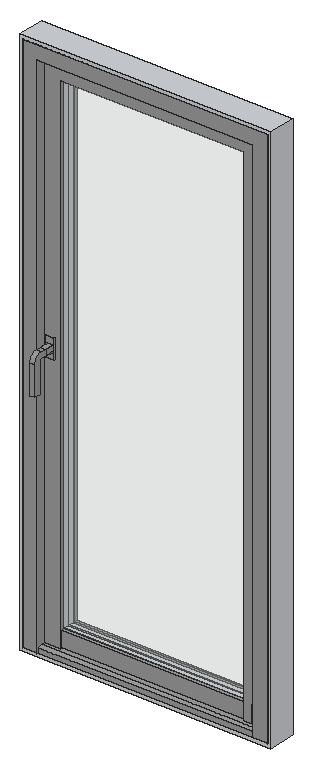
Revit family "Natre Balcony door (outward)", category Doors, host Wall, Revit 2020
Family settings
  Host = Wall
  OmniClass Number = 23.30.20.00
  OmniClass Title = Windows
  Always vertical = Yes
  Cut with Voids When Loaded = No
  Shared = No
  Room Calculation Point = Yes
Parameters (values of type "948x2118")
  Door area [instance] = Width * Height  # 2.00786 m²
  Wall closure = 150.00 mm
  URL = "www.natre.no"
  Thermal Bridge length [instance] = (2 * Height) + (2 * Width)  # 6132.00 mm
  Rough Width = Width + (2 * Joint)  # 972.00 mm
  Rough Height = Height + (2 * Joint)  # 2142.00 mm
  Placement in wall = 50.00 mm
  Model = "GNP BD"
  Interior Frame = Default
  Exterior Frame = Default
  Manufacturer = "Natre"
  Joint = 12.00 mm  # constant formula
  Height = Desire Height  # 2118.00 mm
  Glass = Glass
  Desire Width = 948.00 mm
  Desire Height = 2118.00 mm
  Default Sill Height = 0.00 mm
  Wall Closure = By host
  Width = Desire Width  # 948.00 mm
  Construction Type = ""
Reference planes
  plane 1 "Center (Front/Back)": y = 0
  plane 2 "Center (Left/Right)": x = 0
  plane 3 "Left": x = -486
  plane 4 "Right": x = 486
  plane 5 "Sill": z = 0
  plane 6 "Head": z = 2142
  plane 7 "Exterior": y = 100
  plane 8 "Interior": y = -100
  plane 9 "Placement in wall": y = 50
  plane 10 "Left Joint": x = 474
  plane 11 "Bottum joint": z = 12
  plane 12 "Top Joint": z = 2130
  plane 13 "Right Joint": x = -474
  plane 14 "Wall Closure": y = -50
  plane 15: x = 236
Forms (mm)
  Sweep 1, solid, material "Default" <- "Interior Frame"
    path origin (-899.125, 50, 999.999) x (-1, 0, 0) y (0, 0, 1)
      loop
        line (-425.125, -988) -> (-425.125, 1130) -> (-1373.125, 1130) -> (-1373.125, -988)
    profile origin (0, 50, 2129.999) x (0, 0, -1) y (0, 1, 0)
      loop
        line (54.999, -115) -> (54.999, -71) -> (36.999, -71) -> (29.51, -10) -> (0, -10) -> (0, -115) -> (54.999, -115)
      loop
        line (47.999, -66) -> (58.499, -66) -> (58.499, -82) -> (118.499, -82) -> (118.499, -69) -> (100.499, -69) -> (93.746, -14) -> (47.999, -14) -> (47.999, -66)
  Sweep 2, solid, material "Default" <- "Exterior Frame"
    path origin (-899.125, 50, 1000) x (-1, 0, 0) y (0, 0, 1)
      loop
        line (-1279.685, -988) -> (-1279.685, 1036.559) -> (-518.062, 1036.559) -> (-518.062, -988)
    profile origin (-0.252, 50, 2036.559) x (0, 0, 1) y (0, 1, 0)
      loop
        line (92.398, -14) -> (92.398, 0) -> (65.098, 0) -> (64.65, -3.649) -> (56.034, -3.813) -> (56.441, -0.5) -> (-2.146, -0.5) -> (-3.161, -1.21) -> (-4.175, -0.5) -> (-22.347, -0.5) -> (-25.964, -14) -> (92.398, -14)
  Extrusion 3, solid, material "Glass" <- "Glass"
    sketch origin (-899.125, 50, 1000) x (-1, 0, 0) y (0, 0, 1)
      loop
        line (-1268.625, 1025.5) -> (-1268.625, -912.5) -> (-529.625, -912.5) -> (-529.625, 1025.5) -> (-1268.625, 1025.5)
    from -18 to -14
  Extrusion 4, solid, material "Glass" <- "Glass"
    sketch origin (-899.125, 50, 1000) x (-1, 0, 0) y (0, 0, 1)
      loop
        line (-1268.625, 1025.5) -> (-1268.625, -912.5) -> (-529.625, -912.5) -> (-529.625, 1025.5) -> (-1268.625, 1025.5)
    from -42 to -38
  Extrusion 5, solid, material "Glass" <- "Glass"
    sketch origin (-899.125, 50, 1000) x (-1, 0, 0) y (0, 0, 1)
      loop
        line (-1268.625, 1025.5) -> (-1268.625, -912.5) -> (-529.625, -912.5) -> (-529.625, 1025.5) -> (-1268.625, 1025.5)
    from -66 to -62
  Sweep 6, solid
    path origin (-899.125, 50, 1000) x (-1, 0, 0) y (0, 0, 1)
      loop
        line (-1373.153, 1130.028) -> (-1373.153, -1017.028) -> (-425.098, -1017.028) -> (-425.098, 1130.028) -> (-1373.153, 1130.028)
    profile origin (0, 50, 2130.028) x (0, 0, 1) y (0, 1, 0)
      loop
        line (-114.428, -18) -> (-114.428, -38) -> (-107.528, -38) -> (-107.528, -18) -> (-114.428, -18)
      loop
        line (-114.428, -42) -> (-114.428, -62) -> (-107.528, -62) -> (-107.528, -42) -> (-114.428, -42)
  Sweep 7, solid
    path origin (-899.125, 50, 1000) x (-1, 0, 0) y (0, 0, 1)
      loop
        line (-1385.125, 1142) -> (-1385.125, -1000) -> (-413.125, -1000) -> (-413.125, 1142) -> (-1385.125, 1142)
    profile origin (0, 50, 2142) x (0, 0, 1) y (0, 1, 0)
      loop
        line (0, -8) -> (-12, -8) -> (-12, -115) -> (0, -115) -> (0, -8)
  Sweep 8, solid, material "Default" <- "Exterior Frame"
    path origin (-899.125, 50, 1000) x (-1, 0, 0) y (0, 0, 1)
      loop
        line (-1318.126, -988) -> (-480.125, -988)
    profile origin (0, 50, 12) x (0, 0, 1) y (0, 1, 0)
      loop
        line (0, -2.942) -> (0, -114.5) -> (20.655, -114.5) -> (25, -97.081) -> (25, -70.5) -> (8.835, -70.5) -> (8.835, -13.5) -> (90.405, -13.5) -> (87.112, -1.21) -> (8.149, -1.21) -> (8.404, -3.287) -> (0, -2.942)
  Sweep 9, solid, material "Default" <- "Interior Frame"
    path origin (-899.125, 50, 1000) x (-1, 0, 0) y (0, 0, 1)
      loop
        line (-1286.345, -988) -> (-511.906, -988)
    profile origin (0, 50, 12) x (0, 0, 1) y (0, 1, 0)
      loop
        line (71.5, -68.5) -> (64.747, -13.5) -> (19, -13.5) -> (19, -65.5) -> (29.5, -65.5) -> (29.5, -81.5) -> (89.5, -81.5) -> (89.5, -68.5) -> (71.5, -68.5)
Lines and regions (mm)
  Opening 1
    outline origin (3500, -100, 0) x (1, 0, 0) y (0, 0, 1)
      loop
        line (-3014, 0) -> (-3014, 2142) -> (-3986, 2142) -> (-3986, 0) -> (-3014, 0)
  Masking region 1
    outline origin (0, 0, 0) x (1, 0, 0) y (0, 1, 0)
      loop
        line (-486, 50) -> (-486, -65) -> (486, -65) -> (486, 50) -> (-486, 50)
  Masking region 2
    outline origin (-486, 0, 0) x (0, -1, 0) y (0, 0, 1)
      loop
        line (-50, 2142) -> (-50, 0) -> (65, 0) -> (65, 2142) -> (-50, 2142)
  symbolic lines
    curve 1: line (379.374, 50, 2035.374) -> (-379.878, 50, 1071)
    curve 2: line (379.374, 50, 106.122) -> (-379.878, 50, 1071)
    curve 3: line (-388.327, 27.117, 0) -> (-388.327, -65, 0)
    curve 4: line (388.327, 50, 0) -> (388.327, -65, 0)
    curve 5: line (-388.327, -7.5, 0) -> (388.327, -7.5, 0)
    curve 6: line (-486, 50, 2044.327) -> (-486, -65, 2044.327)
    curve 7: line (-486, -65, 79.535) -> (-486, 50, 79.535)
    curve 8: line (-486, -7.5, 2044.327) -> (-486, -7.5, 79.535)
  symbolic lines, style "Doors"
    curve 9: line (388.327, 50, 0) -> (388.327, 731.223, 0)
    curve 10: arc (388.327, 731.223, 0) -> (-156.026, 551.273, 0) -> (-388.327, 27.117, 0) r 707.494
Text (mm)
  text "EXTERIOR" at (-1963.203, 1332.353, 0), in view "Ref. Level"
  text "INTERIOR" at (-1981.466, -818.386, 0), in view "Ref. Level"
  text "Exterior" at (0, 923.751, 2943.296), in view "Right"
  text "Exterior" at (0, 1040.484, 2685.409), in view "Left"
Dimensions and locks
  equal spacing: plane 3 "Left", plane 2 "Center (Left/Right)", plane 4 "Right"
  "Rough Width": plane 3 "Left" to plane 4 "Right"
  "Rough Height": plane 5 "Sill" to plane 6 "Head"
  "Default Sill Height": plane 5 "Sill" to level
  locked: plane 7 "Exterior" to host wall
  locked: plane 8 "Interior" to host wall
  "Placement in wall": host wall to plane 9 "Placement in wall"
  "Joint": plane 10 "Left Joint" to plane 4 "Right"
  "Joint": plane 3 "Left" to plane 13 "Right Joint"
  "Joint": plane 12 "Top Joint" to plane 6 "Head"
  "Joint": plane 5 "Sill" to plane 11 "Bottum joint"
  "Wall closure": host wall to plane 14 "Wall Closure"
  equal spacing: plane 5 "Sill", curve 2, plane 6 "Head"
  locked: plane 15 to plane 4 "Right" at 250
  aligned and locked: Sweep 7 to Sweep 2 sketch curve  (x2)
  aligned and locked: Sweep 8 sketch curve to plane 11 "Bottum joint"
  aligned and locked: Sweep 9 sketch curve to plane 11 "Bottum joint"
Automatic sketch dimensions
  plane 3 "Left" to Opening 1 sketch curve = 0.00 mm
  plane 4 "Right" to Opening 1 sketch curve = 0.00 mm
  Opening 1 sketch curve to plane 5 "Sill" = 0.00 mm
  Opening 1 sketch curve to plane 6 "Head" = 0.00 mm
  plane 10 "Left Joint" to Sweep 1 sketch curve = 0.00 mm
  Sweep 1 sketch curve to plane 12 "Top Joint" = 0.001 mm
  Sweep 2 sketch curve to plane 12 "Top Joint" = 93.441 mm
  plane 10 "Left Joint" to Extrusion 3 sketch curve = 104.50 mm
  Extrusion 3 sketch curve to plane 13 "Right Joint" = 104.50 mm
  plane 11 "Bottum joint" to Extrusion 3 sketch curve = 75.50 mm
  Extrusion 3 sketch curve to plane 12 "Top Joint" = 104.50 mm
  plane 10 "Left Joint" to Extrusion 4 sketch curve = 104.50 mm
  Extrusion 4 sketch curve to plane 13 "Right Joint" = 104.50 mm
  plane 11 "Bottum joint" to Extrusion 4 sketch curve = 75.50 mm
  Extrusion 4 sketch curve to plane 12 "Top Joint" = 104.50 mm
  plane 10 "Left Joint" to Extrusion 5 sketch curve = 104.50 mm
  Extrusion 5 sketch curve to plane 13 "Right Joint" = 104.50 mm
  plane 11 "Bottum joint" to Extrusion 5 sketch curve = 75.50 mm
  Extrusion 5 sketch curve to plane 12 "Top Joint" = 104.50 mm
  Sweep 6 sketch curve to plane 10 "Left Joint" = 0.028 mm
  plane 13 "Right Joint" to Sweep 6 sketch curve = 0.028 mm
  Sweep 6 sketch curve to plane 11 "Bottum joint" = 29.028 mm
  plane 12 "Top Joint" to Sweep 6 sketch curve = 0.028 mm
  plane 4 "Right" to Sweep 7 sketch curve = 0.00 mm
  plane 3 "Left" to Sweep 7 sketch curve = 0.00 mm
  Sweep 7 sketch curve to plane 5 "Sill" = 0.00 mm
  Sweep 7 sketch curve to plane 6 "Head" = 0.00 mm
  profile plane to Sweep 7 sketch curve = 12.00 mm
  Sweep 7 sketch curve to plane 9 "Placement in wall" = 8.00 mm
  profile plane to Sweep 7 sketch curve = 0.00 mm
  Sweep 7 sketch curve to Sweep 7 sketch curve = 107.00 mm
  Masking region 1 sketch curve to plane 3 "Left" = 0.00 mm
  Masking region 1 sketch curve to plane 4 "Right" = 0.00 mm
  Masking region 1 sketch curve to plane 9 "Placement in wall" = 0.00 mm
  Masking region 1 sketch curve to plane 9 "Placement in wall" = 115.00 mm
  plane 5 "Sill" to Masking region 2 sketch curve = 0.00 mm
  Masking region 2 sketch curve to plane 9 "Placement in wall" = 0.00 mm
  plane 6 "Head" to Masking region 2 sketch curve = 0.00 mm
  Masking region 2 sketch curve to plane 9 "Placement in wall" = 115.00 mm
  curve 2 to plane 13 "Right Joint" = 94.122 mm
  plane 10 "Left Joint" to curve 1 = 94.626 mm
  curve 1 to plane 12 "Top Joint" = 94.626 mm
  plane 13 "Right Joint" to Sweep 1 sketch curve = 0.00 mm
  Sweep 1 sketch curve to plane 11 "Bottum joint" = 0.001 mm  (x2)
  plane 10 "Left Joint" to Sweep 2 sketch curve = 93.441 mm
  Sweep 2 sketch curve to plane 13 "Right Joint" = 92.937 mm
  plane 10 "Left Joint" to curve 2 = 94.626 mm
  plane 11 "Bottum joint" to curve 2 = 94.122 mm
  Sweep 1 sketch curve to profile plane = 0.00 mm
  Sweep 1 sketch curve to Sweep 1 sketch curve = 7.00 mm
  Sweep 1 sketch curve to Sweep 1 sketch curve = 29.51 mm
  Sweep 1 sketch curve to Sweep 1 sketch curve = 11.00 mm
  Sweep 1 sketch curve to Sweep 1 sketch curve = 52.00 mm
  Sweep 1 sketch curve to plane 9 "Placement in wall" = 10.00 mm
  Sweep 1 sketch curve to Sweep 1 sketch curve = 3.50 mm
  Sweep 1 sketch curve to Sweep 1 sketch curve = 18.49 mm
  Sweep 1 sketch curve to plane 9 "Placement in wall" = 14.00 mm
  Sweep 1 sketch curve to Sweep 1 sketch curve = 45.747 mm
  Sweep 1 sketch curve to Sweep 1 sketch curve = 42.00 mm
  Sweep 1 sketch curve to Sweep 1 sketch curve = 18.00 mm
  Sweep 1 sketch curve to Sweep 1 sketch curve = 33.00 mm
  Sweep 1 sketch curve to Sweep 1 sketch curve = 16.00 mm
  Sweep 1 sketch curve to Sweep 1 sketch curve = 5.00 mm
  Sweep 1 sketch curve to Sweep 1 sketch curve = 13.00 mm
  plane 10 "Left Joint" to Sweep 9 sketch curve = 86.78 mm
  Sweep 9 sketch curve to plane 13 "Right Joint" = 86.78 mm
  Sweep 6 sketch curve to plane 9 "Placement in wall" = 38.00 mm
  profile plane to Sweep 6 sketch curve = 114.428 mm
  Sweep 6 sketch curve to Sweep 6 sketch curve = 0.00 mm
  Sweep 6 sketch curve to Sweep 6 sketch curve = 6.90 mm  (x2)
  Sweep 6 sketch curve to Sweep 6 sketch curve = 4.00 mm
  Sweep 6 sketch curve to Sweep 6 sketch curve = 20.00 mm
  Sweep 6 sketch curve to plane 9 "Placement in wall" = 18.00 mm
  profile plane to Sweep 2 sketch curve = 25.964 mm
  Sweep 2 sketch curve to plane 9 "Placement in wall" = 14.00 mm
  Sweep 2 sketch curve to Sweep 2 sketch curve = 3.617 mm
  profile plane to Sweep 2 sketch curve = 4.175 mm
  Sweep 2 sketch curve to plane 9 "Placement in wall" = 0.50 mm  (x2)
  Sweep 2 sketch curve to plane 9 "Placement in wall" = 1.21 mm
  Sweep 2 sketch curve to Sweep 2 sketch curve = 1.014 mm  (x2)
  Sweep 2 sketch curve to profile plane = 56.034 mm
  Sweep 2 sketch curve to Sweep 2 sketch curve = 0.407 mm
  Sweep 2 sketch curve to plane 9 "Placement in wall" = 3.813 mm
  Sweep 2 sketch curve to plane 9 "Placement in wall" = 3.649 mm
  Sweep 2 sketch curve to Sweep 2 sketch curve = 8.616 mm
  Sweep 2 sketch curve to Sweep 2 sketch curve = 0.448 mm
  plane 9 "Placement in wall" to Sweep 2 sketch curve = 0.00 mm
  Sweep 2 sketch curve to Sweep 2 sketch curve = 27.30 mm
  plane 10 "Left Joint" to Sweep 8 sketch curve = 54.999 mm
  Sweep 8 sketch curve to plane 13 "Right Joint" = 54.999 mm
  curve 7 to plane 9 "Placement in wall" = 0.00 mm
  curve 6 to plane 9 "Placement in wall" = 0.00 mm
  plane 11 "Bottum joint" to curve 7 = 67.535 mm
  curve 6 to curve 8 = 57.50 mm
  curve 8 to curve 7 = 57.50 mm
  curve 8 to curve 6 = 57.50 mm
  curve 8 to plane 12 "Top Joint" = 85.673 mm
  curve 9 to plane 9 "Placement in wall" = 0.00 mm
  curve 3 to plane 9 "Placement in wall" = 22.883 mm
  curve 3 to plane 13 "Right Joint" = 85.673 mm
  curve 10 to plane 15 = 83.167 mm
  curve 10 to curve 9 = 69.159 mm
  curve 5 to curve 4 = 57.50 mm
  curve 4 to curve 5 = 57.50 mm
  curve 3 to curve 5 = 57.50 mm
  Sweep 8 sketch curve to profile plane = 0.00 mm
  Sweep 8 sketch curve to profile plane = 8.835 mm
  Sweep 8 sketch curve to Sweep 8 sketch curve = 4.345 mm
  Sweep 8 sketch curve to Sweep 8 sketch curve = 16.165 mm
  Sweep 8 sketch curve to plane 9 "Placement in wall" = 13.50 mm
  Sweep 8 sketch curve to plane 9 "Placement in wall" = 1.21 mm
  Sweep 8 sketch curve to Sweep 8 sketch curve = 78.277 mm
  Sweep 8 sketch curve to Sweep 8 sketch curve = 3.293 mm
  Sweep 8 sketch curve to plane 9 "Placement in wall" = 70.50 mm
  Sweep 8 sketch curve to Sweep 8 sketch curve = 26.581 mm
  Sweep 8 sketch curve to Sweep 8 sketch curve = 17.419 mm
  Sweep 8 sketch curve to Sweep 8 sketch curve = 10.558 mm
  Sweep 8 sketch curve to Sweep 8 sketch curve = 0.255 mm
  Sweep 8 sketch curve to plane 9 "Placement in wall" = 3.287 mm
  Sweep 8 sketch curve to profile plane = 8.149 mm
  Sweep 9 sketch curve to profile plane = 19.00 mm
  Sweep 9 sketch curve to Sweep 9 sketch curve = 10.50 mm
  Sweep 9 sketch curve to plane 9 "Placement in wall" = 13.50 mm
  Sweep 9 sketch curve to Sweep 9 sketch curve = 45.747 mm
  Sweep 9 sketch curve to Sweep 9 sketch curve = 42.00 mm
  Sweep 9 sketch curve to Sweep 9 sketch curve = 18.00 mm
  Sweep 9 sketch curve to Sweep 9 sketch curve = 13.00 mm
  Sweep 9 sketch curve to Sweep 9 sketch curve = 16.00 mm
  Sweep 9 sketch curve to Sweep 9 sketch curve = 52.00 mm
Nested families
  nested 1: "Håndtak" at (-394.5, -32, 1071) x (0, 0, -1) z (0, -1, 0), type "Håndtak"
Definition of nested family "Håndtak"
  Parameters (values of type "Håndtak")
    Default Elevation = 1219.20 mm
  Reference planes
    plane 1 "Center (Front/Back)": y = 0
    plane 2: z = 0
    plane 3 "Center (Left/Right)": x = 0
  Forms (mm)
    Extrusion 1, solid
      sketch origin (0, 0, 0) x (1, 0, 0) y (0, 1, 0)
        loop
          line (-1219.2, 1219.2) -> (-1219.2, -1219.2) -> (1219.2, -1219.2) -> (1219.2, 1219.2) -> (-1219.2, 1219.2)
      from 0 to -304.8
    Blend 2, solid
      base sketch origin (0, 0, 0) x (1, 0, 0) y (0, 1, 0)
        loop
          arc (14, 9.662) -> (13.169, 11.669) -> (11.162, 12.5) r 2.838
          line (11.162, 12.5) -> (-11.162, 12.5)
          arc (-11.162, 12.5) -> (-13.169, 11.669) -> (-14, 9.662) r 2.838
          line (-14, 9.662) -> (-14, -9.662)
          arc (-14, -9.662) -> (-13.169, -11.669) -> (-11.162, -12.5) r 2.838
          line (-11.162, -12.5) -> (11.162, -12.5)
          arc (11.162, -12.5) -> (13.169, -11.669) -> (14, -9.662) r 2.838
          line (14, -9.662) -> (14, 9.662)
      top sketch origin (0, 0, 0) x (1, 0, 0) y (0, 1, 0)
        loop
          line (11, 9.5) -> (-11, 9.5) -> (-11, -9.5) -> (11, -9.5) -> (11, 9.5)
      from 0 to 35.908
    Sweep 3, solid
      path origin (0, 0, 0) x (1, 0, 0) y (0, 0, 1)
        loop
          line (0, 35.908) -> (0, 55.908)
          arc (0, 55.908) -> (5.858, 70.05) -> (20, 75.908) r 20
          line (20, 75.908) -> (133, 75.908)
      profile origin (0, 0, 45.908) x (-1, 0, 0) y (0, -1, 0)
        loop
          line (-11, -9.5) -> (11, -9.5) -> (11, 9.5) -> (-11, 9.5) -> (-11, -9.5)
    Extrusion 4, solid
      sketch origin (0, 0, 0) x (1, 0, 0) y (0, 1, 0)
        loop
          line (-36.932, 15.592) -> (-36.932, -15.658) -> (38.068, -15.658) -> (38.068, 15.592) -> (-36.932, 15.592)
      from 0 to 2.754
  Cuts and joins
    joined: Blend 2, Sweep 3, Extrusion 4
  Dimensions and locks
    aligned and locked: plane 2 to Extrusion 1
    aligned and locked: level to Extrusion 1
